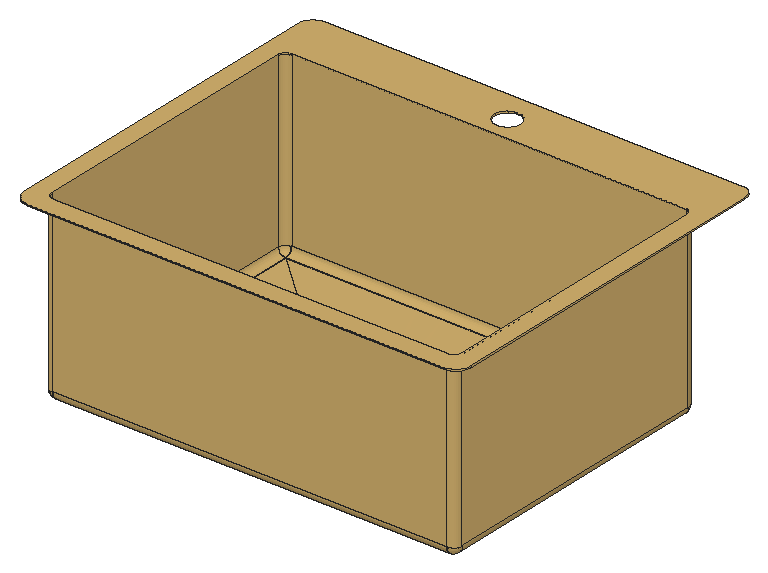
Revit family "BUILDMAT-SNGDTL004-River-600-Tap-Landing-Brass-Gold", category Plumbing Fixtures, host Face, Revit 2026
Family settings
  Host = Face
  Round Connector Dimension = Use Diameter
  Part Type = Normal
  Enable Cutting in Views = No
  Cut with Voids When Loaded = No
  Maintain Annotation Orientation = No
  Shared = No
  Room Calculation Point = No
Parameters (values of type "River 600x500x250mm Brushed Brass Gold")
  Width = 550.0 mm
  Undermount [instance] = 0.0 mm
  URL = "https://www.buildmat.com.au/products/river-600-single-bowl-tap-landing-sink"
  Model = "TLAN004"  # constant formula
  Manufacturer URL = "https://www.buildmat.com.au/"
  Manufacturer = "BUILDMAT"  # constant formula
  Length = 400.0 mm
  Description = "BUILDMAT - River 600x500 Medium Single Bowl with Tap Landing Sink"  # constant formula
  Depth = 250.0 mm
  Default Elevation = 1219.2 mm
  Created By URL = "https://www.buildmat.com.au/"
  Created By = "BUILDMAT"  # constant formula
  Created = "22.06.2022"  # constant formula
  Material = BUILDMAT Brass Gold
Reference planes
  plane 1 "Center (Front/Back)": y = 0
  plane 2: z = 0
  plane 3 "Center (Left/Right)": x = 0
  plane 4 "Top Substrate": z = 0
  plane 5 "Left": x = -275
  plane 6 "Right": x = 275
  plane 7 "Back": y = 200
  plane 8 "Front": y = -200
  plane 9: x = -300
  plane 10: x = 300
  plane 11: y = -225
  plane 12: y = 275
  plane 13 "Bottom Void": z = -250
  plane 14: z = 1.5
  plane 15: x = -276.5
  plane 16: y = -201.5
  plane 17: x = 276.5
  plane 18: y = 201.5
  plane 19: z = -240
  plane 20: z = -230
  plane 21: x = -265
  plane 22: x = 265
  plane 23: y = -190
  plane 24: y = 190
  plane 25: z = -245
  plane 26: z = -241.5
  plane 27: z = -246.5
  plane 28: x = -100
  plane 29: x = 100
  plane 30 "Sound Pad": z = -130
  plane 31 "Front Bracket": y = -100
  plane 32 "Back Bracket": y = 100
  plane 33: x = -175
  plane 34: x = 175
  plane 35: x = -57
  plane 36: x = 57
  plane 37: x = -45
  plane 38: x = 45
  plane 39: y = 232
  plane 40: y = 251.5
  plane 41: x = -288.2
  plane 42: z = -15
  plane 43: x = 288.2
  plane 44: x = -286.7
  plane 45: x = 286.7
Forms (mm)
  Extrusion 1, void
    sketch origin (0, 0, 0) x (1, 0, 0) y (0, 1, 0)
      loop
        arc (-265, 200) -> (-272.071, 197.071) -> (-275, 190) r 10
        line (-275, 190) -> (-275, -190)
        arc (-275, -190) -> (-272.071, -197.071) -> (-265, -200) r 10
        line (-265, -200) -> (265, -200)
        arc (265, -200) -> (272.071, -197.071) -> (275, -190) r 10
        line (275, -190) -> (275, 190)
        arc (275, 190) -> (272.071, 197.071) -> (265, 200) r 10
        line (265, 200) -> (-265, 200)
    from 0 to 1.5
  Extrusion 2, void
    sketch origin (0, 0, 0) x (1, 0, 0) y (0, 1, 0)
      loop
        line (-276.5, 201.5) -> (-276.5, -201.5) -> (276.5, -201.5) -> (276.5, 201.5) -> (-276.5, 201.5)
    from 0 to -250
  Extrusion 3, void
    sketch origin (0, 0, 0) x (1, 0, 0) y (0, 1, 0)
      loop
        arc (-280, 275) -> (-294.142, 269.142) -> (-300, 255) r 20
        line (-300, 255) -> (-300, -205)
        arc (-300, -205) -> (-294.142, -219.142) -> (-280, -225) r 20
        line (-280, -225) -> (280, -225)
        arc (280, -225) -> (294.142, -219.142) -> (300, -205) r 20
        line (300, -205) -> (300, 255)
        arc (300, 255) -> (294.142, 269.142) -> (280, 275) r 20
        line (280, 275) -> (-280, 275)
    from 1.5 to 0
  Extrusion 4, solid, material "BUILDMAT Brass Gold" <- "Material"
    sketch origin (0, 0, 0) x (-1, 0, 0) y (0, -1, 0)
      loop
        arc (280, -275) -> (294.142, -269.142) -> (300, -255) r 20
        line (300, -255) -> (300, 205)
        arc (300, 205) -> (294.142, 219.142) -> (280, 225) r 20
        line (280, 225) -> (-280, 225)
        arc (-280, 225) -> (-294.142, 219.142) -> (-300, 205) r 20
        line (-300, 205) -> (-300, -255)
        arc (-300, -255) -> (-294.142, -269.142) -> (-280, -275) r 20
        line (-280, -275) -> (280, -275)
      loop
        arc (265, -200) -> (272.071, -197.071) -> (275, -190) r 10
        line (275, -190) -> (275, 190)
        arc (275, 190) -> (272.071, 197.071) -> (265, 200) r 10
        line (265, 200) -> (-265, 200)
        arc (-265, 200) -> (-272.071, 197.071) -> (-275, 190) r 10
        line (-275, 190) -> (-275, -190)
        arc (-275, -190) -> (-272.071, -197.071) -> (-265, -200) r 10
        line (-265, -200) -> (265, -200)
    from 0 to 1.5
  Extrusion 5, solid, material "BUILDMAT Brass Gold" <- "Material"
    sketch origin (0, 0, 0) x (-1, 0, 0) y (0, -1, 0)
      loop
        arc (265, -201.5) -> (273.132, -198.132) -> (276.5, -190) r 11.5
        line (276.5, -190) -> (276.5, 190)
        arc (276.5, 190) -> (273.132, 198.132) -> (265, 201.5) r 11.5
        line (265, 201.5) -> (-265, 201.5)
        arc (-265, 201.5) -> (-273.132, 198.132) -> (-276.5, 190) r 11.5
        line (-276.5, 190) -> (-276.5, -190)
        arc (-276.5, -190) -> (-273.132, -198.132) -> (-265, -201.5) r 11.5
        line (-265, -201.5) -> (265, -201.5)
      loop
        arc (-265, 200) -> (-272.071, 197.071) -> (-275, 190) r 10
        line (-275, 190) -> (-275, -190)
        arc (-275, -190) -> (-272.071, -197.071) -> (-265, -200) r 10
        line (-265, -200) -> (265, -200)
        arc (265, -200) -> (272.071, -197.071) -> (275, -190) r 10
        line (275, -190) -> (275, 190)
        arc (275, 190) -> (272.071, 197.071) -> (265, 200) r 10
        line (265, 200) -> (-265, 200)
    from 0 to -230
  Revolve 6, solid, material "BUILDMAT Brass Gold" <- "Material"
    sketch origin (-175.162, 190, 1219.2) x (-1, 0, 0) y (0, 0, 1)
      loop
        line (-450.162, -1449.2) -> (-451.662, -1449.2)
        arc (-451.662, -1449.2) -> (-448.293, -1457.332) -> (-440.162, -1460.7) r 11.5
        line (-440.162, -1460.7) -> (-440.162, -1459.2)
        arc (-440.162, -1459.2) -> (-447.233, -1456.271) -> (-450.162, -1449.2) r 10
      axis (-440.162, -1460.7) -> (-440.162, -1449.2)
    angle from 0 to -90
  Revolve 7, solid, material "BUILDMAT Brass Gold" <- "Material"
    sketch origin (-175.162, 190, 1219.2) x (-1, 0, 0) y (0, 0, 1)
      loop
        arc (99.838, -1449.2) -> (96.909, -1456.271) -> (89.838, -1459.2) r 10
        line (89.838, -1459.2) -> (89.838, -1460.7)
        arc (89.838, -1460.7) -> (97.97, -1457.332) -> (101.338, -1449.2) r 11.5
        line (101.338, -1449.2) -> (99.838, -1449.2)
      axis (89.838, -1449.2) -> (89.838, -1460.7)
    angle from 0 to -90
  Revolve 8, solid, material "BUILDMAT Brass Gold" <- "Material"
    sketch origin (-175.162, -190, 1219.2) x (-1, 0, 0) y (0, 0, 1)
      loop
        arc (99.838, -1449.2) -> (96.909, -1456.271) -> (89.838, -1459.2) r 10
        line (89.838, -1459.2) -> (89.838, -1460.7)
        arc (89.838, -1460.7) -> (97.97, -1457.332) -> (101.338, -1449.2) r 11.5
        line (101.338, -1449.2) -> (99.838, -1449.2)
      axis (89.838, -1449.2) -> (89.838, -1460.7)
    angle from 0 to 90
  Revolve 9, solid, material "BUILDMAT Brass Gold" <- "Material"
    sketch origin (-175.162, -190, 1219.2) x (-1, 0, 0) y (0, 0, 1)
      loop
        line (-450.162, -1449.2) -> (-451.662, -1449.2)
        arc (-451.662, -1449.2) -> (-448.293, -1457.332) -> (-440.162, -1460.7) r 11.5
        line (-440.162, -1460.7) -> (-440.162, -1459.2)
        arc (-440.162, -1459.2) -> (-447.233, -1456.271) -> (-450.162, -1449.2) r 10
      axis (-440.162, -1449.2) -> (-440.162, -1460.7)
    angle from 0 to 90
  Extrusion 10, solid, material "BUILDMAT Brass Gold" <- "Material"
    sketch origin (0, 0, 0) x (1, 0, 0) y (0, 0, 1)
      loop
        line (-275, -230) -> (-276.5, -230)
        arc (-276.5, -230) -> (-273.132, -238.132) -> (-265, -241.5) r 11.5
        line (-265, -241.5) -> (-265, -240)
        arc (-265, -240) -> (-272.071, -237.071) -> (-275, -230) r 10
    from -190 to 190
  Extrusion 11, solid, material "BUILDMAT Brass Gold" <- "Material"
    sketch origin (0, 0, 0) x (1, 0, 0) y (0, 0, 1)
      loop
        arc (275, -230) -> (272.071, -237.071) -> (265, -240) r 10
        line (265, -240) -> (265, -241.5)
        arc (265, -241.5) -> (273.132, -238.132) -> (276.5, -230) r 11.5
        line (276.5, -230) -> (275, -230)
    from -190 to 190
  Extrusion 12, solid, material "BUILDMAT Brass Gold" <- "Material"
    sketch origin (0, 0, 0) x (0, 1, 0) y (0, 0, 1)
      loop
        arc (200, -230) -> (197.071, -237.071) -> (190, -240) r 10
        line (190, -240) -> (190, -241.5)
        arc (190, -241.5) -> (198.132, -238.132) -> (201.5, -230) r 11.5
        line (201.5, -230) -> (200, -230)
    from -265 to 265
  Extrusion 13, solid, material "BUILDMAT Brass Gold" <- "Material"
    sketch origin (0, 0, 0) x (0, 1, 0) y (0, 0, 1)
      loop
        line (-200, -230) -> (-201.5, -230)
        arc (-201.5, -230) -> (-198.132, -238.132) -> (-190, -241.5) r 11.5
        line (-190, -241.5) -> (-190, -240)
        arc (-190, -240) -> (-197.071, -237.071) -> (-200, -230) r 10
    from -265 to 265
  Revolve 14, solid, material "BUILDMAT Brass Gold" <- "Material"
    sketch origin (0, 0, 0) x (1, 0, 0) y (0, 0, 1)
      loop
        line (-45, -250) -> (-45, -248.5)
        spline (-45, -248.5) -> (-46.484, -248.459) -> (-47.939, -248.339) -> (-49.337, -248.141) -> (-50.649, -247.871) -> (-51.848, -247.537) -> (-52.908, -247.151) -> (-53.805, -246.726) -> (-54.514, -246.283) -> (-55.023, -245.856) -> (-55.329, -245.483) -> (-55.468, -245.202) -> (-55.5, -245)
        line (-55.5, -245) -> (-57, -245)
        spline (-57, -245) -> (-56.897, -245.653) -> (-56.591, -246.294) -> (-56.087, -246.913) -> (-55.392, -247.5) -> (-54.52, -248.044) -> (-53.485, -248.536) -> (-52.305, -248.967) -> (-51, -249.33) -> (-49.592, -249.619) -> (-48.106, -249.83) -> (-46.566, -249.957) -> (-45, -250)
      axis (0, -245) -> (0, -250)
    angle from 0 to 360
  Blend 15, solid, material "BUILDMAT Brass Gold" <- "Material"
    base sketch origin (0, 0, 0) x (-1, 0, 0) y (0, -1, 0)
      loop
        circle (0, 0) r 57
    top sketch origin (0, 0, 0) x (-1, 0, 0) y (0, -1, 0)
      loop
        line (265, -190) -> (265, 190) -> (-265, 190) -> (-265, -190) -> (265, -190)
    from -246.5 to -241.5
  Blend 16, void
    base sketch origin (0, 0, 0) x (-1, 0, 0) y (0, -1, 0)
      loop
        circle (0, 0) r 57
    top sketch origin (0, 0, 0) x (-1, 0, 0) y (0, -1, 0)
      loop
        line (265, -190) -> (265, 190) -> (-265, 190) -> (-265, -190) -> (265, -190)
    from -245 to -240
  Extrusion 17, solid, material "BUILDMAT Brass Gold" <- "Material"
    sketch origin (0, 0, 0) x (-1, 0, 0) y (0, -1, 0)
      loop
        line (265, -190) -> (265, 190) -> (-265, 190) -> (-265, -190) -> (265, -190)
    from -241.5 to -240
  Extrusion 18, void
    sketch origin (0, 0, 0) x (-1, 0, 0) y (0, -1, 0)
      loop
        circle (0, 0) r 57
    from -250 to -230
  Extrusion 19, void
    sketch origin (0, 0, 0) x (-1, 0, 0) y (0, -1, 0)
      loop
        circle (0, -232) r 17.5
    from 0 to 100
Cuts and joins
  Extrusion 19 cuts Extrusion 4
  Extrusion 19 cuts Extrusion 5
  joined: Extrusion 4, Extrusion 5
  joined: Revolve 6, Revolve 9
  joined: Revolve 7, Revolve 8
  Blend 16, Extrusion 18 cuts Blend 15
  Blend 16, Extrusion 18 cuts Extrusion 17
  joined: Blend 15, Extrusion 17
Lines and regions (mm)
  Masking region 1
    outline origin (0, 0, 0) x (1, 0, 0) y (0, 0, 1)
      loop
        line (275, 0) -> (-275, 0) -> (-275, -230)
        arc (-275, -230) -> (-272.071, -237.071) -> (-265, -240) r 10
        line (-265, -240) -> (-57, -245) -> (57, -245) -> (265, -240)
        arc (265, -240) -> (272.071, -237.071) -> (275, -230) r 10
        line (275, -230) -> (275, 0)
  Masking region 2
    outline origin (0, 0, 0) x (1, 0, 0) y (0, 0, 1)
      loop
        line (-100, -245.466) -> (-100, -250) -> (-57, -250) -> (-57, -246.5) -> (-100, -245.466)
  Masking region 3
    outline origin (0, 0, 0) x (1, 0, 0) y (0, 0, 1)
      loop
        line (57, -246.5) -> (57, -250) -> (100, -250) -> (100, -245.466) -> (57, -246.5)
  Masking region 4
    outline origin (0, 0, 0) x (1, 0, 0) y (0, 0, 1)
      loop
        line (-288.2, 0) -> (-288.2, -15) -> (-286.7, -15) -> (-286.7, 0) -> (-288.2, 0)
  Masking region 5
    outline origin (0, 0, 0) x (1, 0, 0) y (0, 0, 1)
      loop
        line (286.7, 0) -> (286.7, -15) -> (288.2, -15) -> (288.2, 0) -> (286.7, 0)
Text (mm)
  text "Refer to www.buildmat.com.au for the most current product literature. \nAllow a +/- 5mm tolerance for dimensions shown in the product literature. \nPlease note product details are subject to change due to ongoing product development." at (0.056, -1035.857, 0), in view "Ref. Level"
Dimensions and locks
  "Undermount": plane 2 to plane 4 "Top Substrate"
  equal spacing: plane 5 "Left", plane 3 "Center (Left/Right)", plane 6 "Right"
  "Width": plane 5 "Left" to plane 6 "Right"
  "Length": plane 7 "Back" to plane 8 "Front"
  equal spacing: plane 7 "Back", plane 1 "Center (Front/Back)", plane 8 "Front"
  locked: plane 12 to plane 7 "Back" at 75
  locked: plane 8 "Front" to plane 11 at 25
  locked: plane 9 to plane 5 "Left" at 25
  locked: plane 6 "Right" to plane 10 at 25
  "Depth": plane 4 "Top Substrate" to plane 13 "Bottom Void"
  locked: plane 14 to plane 4 "Top Substrate" at 1.5
  locked: plane 18 to plane 7 "Back" at 1.5
  locked: plane 8 "Front" to plane 16 at 1.5
  plane 15 to plane 5 "Left" = 1.5 mm
  plane 6 "Right" to plane 17 = 1.5 mm
  plane 20 to plane 19 to plane 13 "Bottom Void" = 10.0 mm, 10.0 mm
  locked: plane 5 "Left" to plane 21 at 10
  locked: plane 22 to plane 6 "Right" at 10
  locked: plane 7 "Back" to plane 24 at 10
  locked: plane 23 to plane 8 "Front" at 10
  locked: plane 19 to plane 26 at 1.5
  locked: plane 25 to plane 13 "Bottom Void" at 5
  locked: plane 25 to plane 27 at 1.5
  plane 29 to plane 3 "Center (Left/Right)" to plane 28 = 100.0 mm locked, 100.0 mm locked
  locked: plane 30 "Sound Pad" to plane 13 "Bottom Void" at 120
  locked: plane 7 "Back" to plane 32 "Back Bracket" at 100
  locked: plane 31 "Front Bracket" to plane 8 "Front" at 100
  locked: plane 33 to plane 5 "Left" at 100
  locked: plane 6 "Right" to plane 34 at 100
  plane 37 to plane 3 "Center (Left/Right)" to plane 38 = 45.0 mm locked, 45.0 mm locked
  plane 35 to plane 3 "Center (Left/Right)" to plane 36 = 57.0 mm locked, 57.0 mm locked
  locked: plane 12 to plane 39 at 43
  locked: plane 40 to plane 18 at 50
  plane 44 to plane 41 to plane 9 = 1.5 mm locked, 11.8 mm locked
  plane 10 to plane 43 to plane 45 = 11.8 mm locked, 1.5 mm locked
  locked: plane 4 "Top Substrate" to plane 42 at 15
  aligned and locked: plane 2 to host face
  aligned and locked: level to host face
  aligned and locked: plane 8 "Front" to Extrusion 1 sketch curve
  aligned and locked: Extrusion 1 sketch curve to plane 7 "Back"
  aligned and locked: plane 5 "Left" to Extrusion 1 sketch curve
  aligned and locked: Extrusion 1 sketch curve to plane 6 "Right"
  aligned and locked: plane 2 to Extrusion 1
  aligned and locked: plane 14 to Extrusion 1
  aligned and locked: Extrusion 2 sketch curve to plane 16
  aligned and locked: Extrusion 2 sketch curve to plane 18
  aligned and locked: plane 15 to Extrusion 2 sketch curve
  aligned and locked: plane 17 to Extrusion 2 sketch curve
  aligned and locked: Extrusion 2 to plane 13 "Bottom Void"
  aligned and locked: plane 4 "Top Substrate" to Extrusion 2
  aligned and locked: Extrusion 3 sketch curve to plane 11
  aligned and locked: plane 9 to Extrusion 3 sketch curve
  aligned and locked: Extrusion 3 sketch curve to plane 10
  aligned and locked: Extrusion 3 sketch curve to plane 12
  aligned and locked: Extrusion 3 to plane 4 "Top Substrate"
  aligned and locked: Extrusion 3 to plane 14
  aligned and locked: Extrusion 4 sketch curve to plane 11
  aligned and locked: Extrusion 4 sketch curve to plane 12
  aligned and locked: plane 9 to Extrusion 4 sketch curve
  aligned and locked: Extrusion 4 sketch curve to plane 10
  aligned and locked: plane 5 "Left" to Extrusion 4 sketch curve
  aligned and locked: Extrusion 4 sketch curve to plane 6 "Right"
  aligned and locked: Extrusion 4 sketch curve to plane 7 "Back"
  aligned and locked: plane 8 "Front" to Extrusion 4 sketch curve
  aligned and locked: Extrusion 5 sketch curve to plane 7 "Back"
  aligned and locked: plane 5 "Left" to Extrusion 5 sketch curve
  aligned and locked: Extrusion 5 sketch curve to plane 6 "Right"
  aligned and locked: plane 8 "Front" to Extrusion 5 sketch curve
  aligned and locked: plane 15 to Extrusion 5 sketch curve
  aligned and locked: Extrusion 5 sketch curve to plane 16
  aligned and locked: plane 17 to Extrusion 5 sketch curve
  aligned and locked: Extrusion 5 sketch curve to plane 18
  aligned and locked: Extrusion 5 to plane 20
  aligned and locked: plane 4 "Top Substrate" to Extrusion 5
  aligned and locked: Extrusion 11 to plane 23
  aligned and locked: plane 24 to Extrusion 11
  aligned and locked: plane 24 to Extrusion 10
  aligned and locked: Extrusion 10 to plane 23
  aligned and locked: Extrusion 13 to plane 21
  aligned and locked: plane 22 to Extrusion 13
  aligned and locked: plane 22 to Extrusion 12
  aligned and locked: Extrusion 12 to plane 21
  aligned and locked: plane 21 to Blend 15 sketch curve
  aligned and locked: Blend 15 sketch curve to plane 22
  aligned and locked: Blend 15 sketch curve to plane 23
  aligned and locked: Blend 15 sketch curve to plane 24
  aligned and locked: plane 27 to Blend 15
  aligned and locked: Blend 15 to plane 26
  aligned and locked: Blend 16 sketch curve to plane 24
  aligned and locked: plane 21 to Blend 16 sketch curve
  aligned and locked: Blend 16 sketch curve to plane 22
  aligned and locked: Blend 16 sketch curve to plane 23
  aligned and locked: Blend 16 to plane 25
  aligned and locked: Blend 16 to plane 19
  aligned and locked: Extrusion 17 sketch curve to plane 24
  aligned and locked: Extrusion 17 sketch curve to plane 23
  aligned and locked: plane 21 to Extrusion 17 sketch curve
  aligned and locked: Extrusion 17 sketch curve to plane 22
  aligned and locked: Extrusion 17 to plane 26
  aligned and locked: Extrusion 17 to plane 19
  aligned and locked: Extrusion 18 to plane 13 "Bottom Void"
  aligned and locked: plane 20 to Extrusion 18
  aligned and locked: cut or joined group of Blend 15, Blend 16, Extrusion 17, Extrusion 18 to Masking region 2 sketch curve
  aligned and locked: Masking region 3 sketch curve to cut or joined group of Blend 15, Blend 16, Extrusion 17, Extrusion 18
  aligned and locked: plane 3 "Center (Left/Right)" to nested 1
  aligned and locked: nested 1 to plane 30 "Sound Pad"
  aligned and locked: plane 31 "Front Bracket" to nested 3
  aligned and locked: plane 15 to nested 3
  aligned and locked: plane 31 "Front Bracket" to nested 5
  aligned and locked: plane 17 to nested 5
  aligned and locked: plane 32 "Back Bracket" to nested 4
  aligned and locked: plane 17 to nested 4
  aligned and locked: plane 32 "Back Bracket" to nested 2
  aligned and locked: plane 15 to nested 2
  aligned and locked: nested 6 to plane 4 "Top Substrate"
  aligned and locked: nested 6 to plane 33
  aligned and locked: nested 7 to plane 4 "Top Substrate"
  aligned and locked: nested 7 to plane 34
  aligned and locked: nested 10 to plane 33
  aligned and locked: nested 11 to plane 34
  aligned and locked: plane 16 to nested 10
  aligned and locked: nested 11 to plane 16
  aligned and locked: plane 33 to nested 8
  aligned and locked: plane 34 to nested 9
  aligned and locked: nested 12 to plane 23
  aligned and locked: nested 12 to plane 24
  aligned and locked: plane 22 to nested 12
  aligned and locked: plane 21 to nested 12
  aligned and locked: plane 3 "Center (Left/Right)" to nested 13
  aligned and locked: plane 1 "Center (Front/Back)" to nested 13
  aligned and locked: plane 4 "Top Substrate" to Masking region 1
  aligned and locked: nested 9 to plane 40
  aligned and locked: nested 8 to plane 40
  aligned and locked: Extrusion 19 to plane 4 "Top Substrate"
  aligned and locked: Masking region 4 sketch curve to plane 4 "Top Substrate"
  aligned and locked: Masking region 4 sketch curve to plane 42
  aligned and locked: Masking region 4 sketch curve to plane 41
  aligned and locked: Masking region 4 sketch curve to plane 44
  aligned and locked: Masking region 5 sketch curve to plane 4 "Top Substrate"
  aligned and locked: plane 42 to Masking region 5 sketch curve
  aligned and locked: Masking region 5 sketch curve to plane 43
  aligned and locked: Masking region 5 sketch curve to plane 45
Automatic sketch dimensions
  host sketch curve to host sketch curve = 2438.4 mm  (x2)
  plane 5 "Left" to Extrusion 1 sketch curve = 10.0 mm  (x2)
  Extrusion 1 sketch curve to plane 6 "Right" = 10.0 mm  (x2)
  Extrusion 4 sketch curve to plane 10 = 20.0 mm  (x2)
  Extrusion 4 sketch curve to Extrusion 4 sketch curve = 10.0 mm  (x2)
  plane 5 "Left" to Extrusion 4 sketch curve = 10.0 mm
  plane 9 to Extrusion 4 sketch curve = 20.0 mm
  plane 8 "Front" to Extrusion 4 sketch curve = 10.0 mm
  plane 11 to Extrusion 4 sketch curve = 20.0 mm
  Extrusion 3 sketch curve to plane 5 "Left" = 5.0 mm
  plane 6 "Right" to Extrusion 3 sketch curve = 5.0 mm  (x2)
  plane 7 "Back" to Extrusion 3 sketch curve = 55.0 mm
  plane 5 "Left" to Extrusion 5 sketch curve = 10.0 mm
  Extrusion 5 sketch curve to plane 6 "Right" = 10.0 mm
  plane 8 "Front" to Extrusion 5 sketch curve = 10.0 mm
  Extrusion 5 sketch curve to plane 7 "Back" = 10.0 mm
  Extrusion 5 sketch curve to Extrusion 5 sketch curve = 0.0 mm  (x4)
  Revolve 6 sketch curve to Revolve 6 sketch curve = 0.0 mm  (x3)
  plane 17 to Revolve 6 sketch curve = 0.0 mm
  Revolve 6 sketch curve to plane 6 "Right" = 0.0 mm
  Revolve 6 sketch curve to plane 22 = 0.0 mm  (x2)
  Revolve 6 sketch curve to plane 19 = 0.0 mm
  Revolve 6 sketch curve to plane 20 = 0.0 mm
  Revolve 7 sketch curve to Revolve 7 sketch curve = 0.0 mm  (x3)
  Revolve 7 sketch curve to plane 20 = 0.0 mm  (x2)
  Revolve 7 sketch curve to plane 21 = 0.0 mm  (x2)
  Revolve 7 sketch curve to plane 5 "Left" = 0.0 mm
  Revolve 7 sketch curve to plane 15 = 0.0 mm
  Revolve 8 sketch curve to Revolve 8 sketch curve = 0.0 mm  (x3)
  Revolve 8 sketch curve to plane 20 = 0.0 mm  (x2)
  Revolve 8 sketch curve to plane 21 = 0.0 mm  (x2)
  Revolve 8 sketch curve to plane 5 "Left" = 0.0 mm
  Revolve 8 sketch curve to plane 15 = 0.0 mm
  Revolve 9 sketch curve to Revolve 9 sketch curve = 0.0 mm  (x3)
  plane 17 to Revolve 9 sketch curve = 0.0 mm
  Revolve 9 sketch curve to plane 6 "Right" = 0.0 mm
  Revolve 9 sketch curve to plane 22 = 0.0 mm  (x2)
  Revolve 9 sketch curve to plane 20 = 0.0 mm
  Revolve 9 sketch curve to plane 19 = 0.0 mm
  Extrusion 10 sketch curve to plane 15 = 0.0 mm
  Extrusion 10 sketch curve to plane 5 "Left" = 0.0 mm
  Extrusion 10 sketch curve to plane 19 = 0.0 mm
  Extrusion 10 sketch curve to plane 21 = 0.0 mm
  Extrusion 11 sketch curve to plane 20 = 0.0 mm
  Extrusion 11 sketch curve to plane 22 = 0.0 mm
  Extrusion 11 sketch curve to plane 6 "Right" = 0.0 mm
  plane 17 to Extrusion 11 sketch curve = 0.0 mm
  Extrusion 12 sketch curve to plane 20 = 0.0 mm
  Extrusion 12 sketch curve to plane 24 = 0.0 mm
  Extrusion 12 sketch curve to plane 7 "Back" = 0.0 mm
  Extrusion 12 sketch curve to plane 18 = 0.0 mm
  Extrusion 13 sketch curve to plane 16 = 0.0 mm
  Extrusion 13 sketch curve to plane 8 "Front" = 0.0 mm
  Extrusion 13 sketch curve to plane 23 = 0.0 mm
  Extrusion 13 sketch curve to plane 19 = 0.0 mm
  Revolve 14 sketch curve to plane 25 = 0.0 mm
  Revolve 14 sketch curve to plane 13 "Bottom Void" = 0.0 mm  (x2)
  Revolve 14 sketch curve to plane 3 "Center (Left/Right)" = 0.0 mm
  Revolve 14 sketch curve to plane 20 = 0.0 mm
  Revolve 14 sketch curve to plane 3 "Center (Left/Right)" = 45.0 mm
  Revolve 14 sketch curve to Revolve 14 sketch curve = 10.5 mm
  Revolve 14 sketch curve to Revolve 14 sketch curve = 1.5 mm  (x2)
  Revolve 14 sketch curve to Revolve 14 sketch curve = 0.0 mm
  plane 1 "Center (Front/Back)" to Blend 15 sketch curve = 0.0 mm
  Blend 15 sketch curve to plane 3 "Center (Left/Right)" = 0.0 mm
  plane 1 "Center (Front/Back)" to Blend 16 sketch curve = 0.0 mm
  Blend 16 sketch curve to plane 3 "Center (Left/Right)" = 0.0 mm
  plane 1 "Center (Front/Back)" to Extrusion 18 sketch curve = 0.0 mm
  Extrusion 18 sketch curve to plane 3 "Center (Left/Right)" = 0.0 mm
  Masking region 1 sketch curve to level = 0.0 mm
  Masking region 1 sketch curve to plane 20 = 0.0 mm
  Masking region 1 sketch curve to plane 21 = 0.0 mm
  Masking region 1 sketch curve to plane 25 = 0.0 mm
  Masking region 1 sketch curve to plane 3 "Center (Left/Right)" = 57.0 mm
  plane 3 "Center (Left/Right)" to Masking region 1 sketch curve = 57.0 mm
  Masking region 1 sketch curve to plane 19 = 0.0 mm
  Masking region 1 sketch curve to plane 22 = 0.0 mm
  Masking region 1 sketch curve to plane 6 "Right" = 0.0 mm
  Masking region 1 sketch curve to plane 5 "Left" = 0.0 mm
  Masking region 2 sketch curve to plane 28 = 0.0 mm
  Masking region 2 sketch curve to plane 13 "Bottom Void" = 0.0 mm
  Masking region 2 sketch curve to plane 27 = 0.0 mm
  Masking region 3 sketch curve to plane 27 = 0.0 mm
  Masking region 3 sketch curve to plane 13 "Bottom Void" = 0.0 mm
  Masking region 3 sketch curve to plane 29 = 0.0 mm
  Extrusion 19 sketch curve to plane 3 "Center (Left/Right)" = 0.0 mm
  Extrusion 19 sketch curve to plane 39 = 0.0 mm
  radius of Blend 15 sketch curve = 57.0 mm
  radius of Blend 16 sketch curve = 57.0 mm
  radius of Extrusion 18 sketch curve = 57.0 mm
  radius of Extrusion 19 sketch curve = 17.5 mm
Nested families
  nested 1: "SP_Front" at (0, 0, -130) x (1, 0, 0) z (0, -1, 0), type "SP_Front", not visible
  nested 2: "TMB_Plan" at (-276.5, 100, 0) x (0, 1, 0) z (0, 0, 1), type "TMB_Plan"
  nested 3: "TMB_Plan" at (-276.5, -100, 0) x (0, 1, 0) z (0, 0, 1), type "TMB_Plan"
  nested 4: "TMB_Plan" at (276.5, 100, 0) x (0, -1, 0) z (0, 0, 1), type "TMB_Plan"
  nested 5: "TMB_Plan" at (276.5, -100, 0) x (0, -1, 0) z (0, 0, 1), type "TMB_Plan"
  nested 6: "TMB_Front" at (-175, 0, 0) x (1, 0, 0) z (0, -1, 0), type "TMB_Front"
  nested 7: "TMB_Front" at (175, 0, 0) x (1, 0, 0) z (0, -1, 0), type "TMB_Front"
  nested 8: "TMB_Plan" at (-175, 251.5, 0), type "TMB_Plan"
  nested 9: "TMB_Plan" at (175, 251.5, 0), type "TMB_Plan"
  nested 10: "TMB_Plan" at (-175, -201.5, 0) x (-1, 0, 0) z (0, 0, 1), type "TMB_Plan"
  nested 11: "TMB_Plan" at (175, -201.5, 0) x (-1, 0, 0) z (0, 0, 1), type "TMB_Plan"
  nested 12: "BOWL Plan" at (0, 0, -130), type "BOWL Plan"
    with Width 530.0 mm, Lenght 380.0 mm
  nested 13: "DRAIN" at (0, 0, 0), type "DRAIN"
Definition of nested family "SP_Front"
  Reference planes
    plane 1 "Center (Elevation)": y = 0
    plane 2: z = 0
    plane 3 "Center (Left/Right)": x = 0
  Lines and regions (mm)
    Masking region 1, in view "Ref. Level"
      outline origin (0, 0, 0) x (1, 0, 0) y (0, 1, 0)
        loop
          arc (-50, 40) -> (-57.071, 37.071) -> (-60, 30) r 10
          line (-60, 30) -> (-60, -30)
          arc (-60, -30) -> (-57.071, -37.071) -> (-50, -40) r 10
          line (-50, -40) -> (50, -40)
          arc (50, -40) -> (57.071, -37.071) -> (60, -30) r 10
          line (60, -30) -> (60, 30)
          arc (60, 30) -> (57.071, 37.071) -> (50, 40) r 10
          line (50, 40) -> (-50, 40)
    detail lines, in view "Ref. Level"
      curve 1: line (-50, 40, 0) -> (50, 40, 0)
      curve 2: line (50, -40, 0) -> (-50, -40, 0)
      curve 3: line (60, 30, 0) -> (60, -30, 0)
      curve 4: line (-60, 30, 0) -> (-60, -30, 0)
      curve 5: arc (-50, 40, 0) -> (-57.071, 37.071, 0) -> (-60, 30, 0) r 10
      curve 6: arc (-60, -30, 0) -> (-57.071, -37.071, 0) -> (-50, -40, 0) r 10
      curve 7: arc (50, -40, 0) -> (57.071, -37.071, 0) -> (60, -30, 0) r 10
      curve 8: arc (60, 30, 0) -> (57.071, 37.071, 0) -> (50, 40, 0) r 10
  Dimensions and locks
    aligned and locked: Masking region 1 sketch curve to curve 1
    aligned and locked: Masking region 1 sketch curve to curve 4
    aligned and locked: Masking region 1 sketch curve to curve 2
    aligned and locked: Masking region 1 sketch curve to curve 3
Definition of nested family "TMB_Plan"
  Reference planes
    plane 1 "Center (Front/Back)": y = 0
    plane 2: z = 0
    plane 3 "Center (Left/Right)": x = 0
  Lines and regions (mm)
    detail lines, in view "Ref. Level"
      curve 1: line (-17.5, 0, 0) -> (17.5, 0, 0)
      curve 2: line (17.5, 0, 0) -> (17.5, 5, 0)
      curve 3: line (17.5, 5, 0) -> (12.5, 5, 0)
      curve 4: line (-17.5, 0, 0) -> (-17.5, 5, 0)
      curve 5: line (-17.5, 5, 0) -> (-12.5, 5, 0)
Definition of nested family "TMB_Front"
  Reference planes
    plane 1 "Center (Elevation)": y = 0
    plane 2: z = 0
    plane 3 "Center (Left/Right)": x = 0
  Lines and regions (mm)
    Masking region 1, in view "Ref. Level"
      outline origin (0, 0, 0) x (1, 0, 0) y (0, 1, 0)
        loop
          line (-17.5, 0) -> (-17.5, -80) -> (17.5, -80) -> (17.5, 0) -> (-17.5, 0)
    detail lines, in view "Ref. Level"
      curve 1: line (-17.5, 0, 0) -> (-17.5, -80, 0)
      curve 2: line (-17.5, -80, 0) -> (17.5, -80, 0)
      curve 3: line (17.5, -80, 0) -> (17.5, 0, 0)
      curve 4: line (-12.5, -50, 0) -> (12.5, -50, 0)
      curve 5: line (-12.5, -75, 0) -> (-12.5, -50, 0)
      curve 6: line (12.5, -75, 0) -> (-12.5, -75, 0)
      curve 7: line (12.5, -50, 0) -> (12.5, -75, 0)
Definition of nested family "BOWL Plan"
  Parameters (values of type "BOWL Plan")
    Width [instance] = 600.0 mm
    Lenght [instance] = 400.0 mm
  Reference planes
    plane 1 "Center (Front/Back)": y = 0
    plane 2: z = 0
    plane 3 "Center (Left/Right)": x = 0
    plane 4 "Left": x = -300
    plane 5 "Right": x = 300
    plane 6 "Back": y = 200
    plane 7 "Front": y = -200
  Lines and regions (mm)
    Masking region 1, in view "Ref. Level"
      outline origin (0, 0, 0) x (1, 0, 0) y (0, 1, 0)
        loop
          line (-300, 200) -> (-300, -200) -> (300, -200) -> (300, 200) -> (-300, 200)
    detail lines, in view "Ref. Level"
      curve 1: line (-300, 200, 0) -> (300, -200, 0)
      curve 2: line (-300, -200, 0) -> (300, 200, 0)
  Dimensions and locks
    equal spacing: plane 6 "Back", plane 1 "Center (Front/Back)", plane 7 "Front"
    "Lenght": plane 6 "Back" to plane 7 "Front"
    equal spacing: plane 4 "Left", plane 3 "Center (Left/Right)", plane 5 "Right"
    "Width": plane 4 "Left" to plane 5 "Right"
    aligned and locked: plane 4 "Left" to Masking region 1 sketch curve
    aligned and locked: Masking region 1 sketch curve to plane 5 "Right"
    aligned and locked: plane 7 "Front" to Masking region 1 sketch curve
    aligned and locked: Masking region 1 sketch curve to plane 6 "Back"
  Automatic sketch dimensions
    curve 2 to plane 4 "Left" = 0.0 mm
    curve 1 to plane 4 "Left" = 0.0 mm
    curve 2 to plane 5 "Right" = 0.0 mm
    curve 1 to plane 5 "Right" = 0.0 mm
    curve 1 to plane 7 "Front" = 0.0 mm
    curve 2 to plane 7 "Front" = 0.0 mm
    curve 2 to plane 6 "Back" = 0.0 mm
    curve 1 to plane 6 "Back" = 0.0 mm
Definition of nested family "DRAIN"
  Reference planes
    plane 1 "Center (Front/Back)": y = 0
    plane 2: z = 0
    plane 3 "Center (Left/Right)": x = 0
  Lines and regions (mm)
    Masking region 1, in view "Ref. Level"
      outline origin (0, 0, 0) x (1, 0, 0) y (0, 1, 0)
        loop
          circle (0, 0) r 57
    detail lines, in view "Ref. Level"
      curve 1: circle (0, 0, 0) r 45 normal (0, 0, 1)
      curve 2: circle (0, 0, 0) r 55.5 normal (0, 0, 1)
